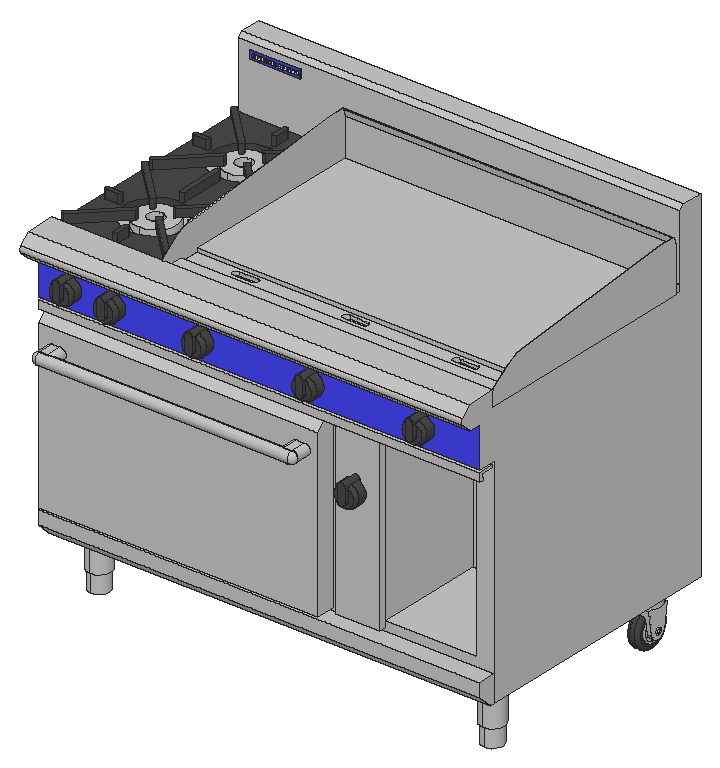
Revit family "QF_MOFFAT_BLUESEAL_CE_GE58A", category Specialty Equipment, Revit 2012 (continued)
Automatic sketch dimensions
  level to Revolve 25 sketch curve = 50 mm
  Revolve 25 sketch curve to Revolve 25 sketch curve = 60 mm
  Revolve 25 sketch curve to Revolve 25 sketch curve = 40 mm
  Revolve 26 sketch curve to plane 17 = 103.75 mm
  Revolve 26 sketch curve to plane 17 = 68 mm
  Revolve 26 sketch curve to Revolve 26 sketch curve = 35.75 mm
  level to Revolve 26 sketch curve = 150 mm
  Revolve 26 sketch curve to Revolve 26 sketch curve = 40 mm
  level to Revolve 26 sketch curve = 50 mm
  Revolve 26 sketch curve to level = 55 mm
  Revolve 27 sketch curve to plane 16 = 34.382 mm
  Revolve 27 sketch curve to Revolve 27 sketch curve = 1.27 mm  (x4)
  Revolve 27 sketch curve to Revolve 27 sketch curve = 1.524 mm  (x2)
  Revolve 27 sketch curve to Revolve 27 sketch curve = 12.146 mm  (x2)
  Revolve 27 sketch curve to plane 16 = 16.68 mm
  Revolve 27 sketch curve to Revolve 27 sketch curve = 0.794 mm  (x2)
  Revolve 27 sketch curve to Revolve 27 sketch curve = 3.57 mm
  Revolve 27 sketch curve to Revolve 27 sketch curve = 2.143 mm
  Revolve 27 sketch curve to plane 16 = 6.361 mm
  plane 16 to Revolve 27 sketch curve = 5.13 mm
  plane 16 to Revolve 27 sketch curve = 6.339 mm
  plane 16 to Revolve 27 sketch curve = 14.515 mm
  Revolve 27 sketch curve to Revolve 27 sketch curve = 1.349 mm  (x2)
  Revolve 27 sketch curve to Revolve 27 sketch curve = 3.556 mm
  Revolve 27 sketch curve to plane 4 "RIGHT" = 2.18 mm
  level to Revolve 27 sketch curve = 50.8 mm
  Revolve 27 sketch curve to Revolve 27 sketch curve = 0 mm
  Revolve 27 sketch curve to Revolve 27 sketch curve = 3.505 mm  (x2)
  Revolve 27 sketch curve to Revolve 27 sketch curve = 3.447 mm  (x2)
  Revolve 27 sketch curve to Revolve 27 sketch curve = 9.964 mm
  Revolve 27 sketch curve to Revolve 27 sketch curve = 10.045 mm
  Revolve 27 sketch curve to Revolve 27 sketch curve = 2.053 mm
  Revolve 27 sketch curve to Revolve 27 sketch curve = 2.061 mm
  Revolve 27 sketch curve to Revolve 27 sketch curve = 8.247 mm
  Revolve 27 sketch curve to Revolve 27 sketch curve = 8.336 mm
  Revolve 27 sketch curve to Revolve 27 sketch curve = 6.35 mm  (x2)
  Extrusion 28 sketch curve to plane 17 = 99.75 mm
  Extrusion 28 sketch curve to Extrusion 28 sketch curve = 12.357 mm
  Extrusion 28 sketch curve to Extrusion 28 sketch curve = 19.393 mm  (x2)
  level to Extrusion 28 sketch curve = 45.111 mm
  Extrusion 28 sketch curve to plane 17 = 36.25 mm
  Extrusion 28 sketch curve to Extrusion 28 sketch curve = 4.889 mm
  Extrusion 28 sketch curve to Extrusion 28 sketch curve = 64.889 mm
  Revolve 29 sketch curve to level = 0 mm
  Revolve 29 sketch curve to plane 17 = 99.75 mm
  Revolve 29 sketch curve to Revolve 29 sketch curve = 4.25 mm
  Revolve 29 sketch curve to Revolve 29 sketch curve = 27.5 mm  (x2)
  Revolve 29 sketch curve to level = 55 mm
  Revolve 29 sketch curve to Revolve 29 sketch curve = 50 mm
  Revolve 29 sketch curve to Revolve 29 sketch curve = 0 mm
  Revolve 29 sketch curve to Revolve 29 sketch curve = 100 mm
  Revolve 30 sketch curve to level = 0 mm
  Revolve 30 sketch curve to plane 17 = 99.75 mm
  Revolve 30 sketch curve to Revolve 30 sketch curve = 4.25 mm
  Revolve 30 sketch curve to Revolve 30 sketch curve = 27.5 mm  (x2)
  level to Revolve 30 sketch curve = 50 mm
  Revolve 30 sketch curve to Revolve 30 sketch curve = 0 mm
  Revolve 30 sketch curve to Revolve 30 sketch curve = 100 mm
  Revolve 30 sketch curve to Revolve 30 sketch curve = 55 mm
  plane 14 to Revolve 31 sketch curve = 25.382 mm
  Revolve 31 sketch curve to Revolve 31 sketch curve = 1.27 mm  (x4)
  Revolve 31 sketch curve to Revolve 31 sketch curve = 1.524 mm  (x2)
  plane 14 to Revolve 31 sketch curve = 10.442 mm
  plane 14 to Revolve 31 sketch curve = 7.68 mm
  Revolve 31 sketch curve to Revolve 31 sketch curve = 0.794 mm  (x2)
  Revolve 31 sketch curve to Revolve 31 sketch curve = 3.57 mm
  Revolve 31 sketch curve to Revolve 31 sketch curve = 2.143 mm
  Revolve 31 sketch curve to plane 14 = 2.639 mm
  Revolve 31 sketch curve to plane 11 = 0.13 mm
  Revolve 31 sketch curve to plane 11 = 1.339 mm
  Revolve 31 sketch curve to plane 11 = 9.515 mm
  Revolve 31 sketch curve to Revolve 31 sketch curve = 1.349 mm  (x2)
  Revolve 31 sketch curve to Revolve 31 sketch curve = 3.556 mm
  Revolve 31 sketch curve to Revolve 31 sketch curve = 12.146 mm
  Revolve 31 sketch curve to plane 3 "LEFT" = 2.68 mm
  level to Revolve 31 sketch curve = 101.6 mm
  Revolve 31 sketch curve to Revolve 31 sketch curve = 6.35 mm  (x4)
  Revolve 31 sketch curve to Revolve 31 sketch curve = 8.247 mm
  Revolve 31 sketch curve to Revolve 31 sketch curve = 8.336 mm
  Revolve 31 sketch curve to Revolve 31 sketch curve = 2.061 mm
  Revolve 31 sketch curve to Revolve 31 sketch curve = 2.053 mm
  Revolve 31 sketch curve to Revolve 31 sketch curve = 10.045 mm
  Revolve 31 sketch curve to Revolve 31 sketch curve = 9.964 mm
  Revolve 31 sketch curve to Revolve 31 sketch curve = 3.447 mm  (x2)
  Revolve 31 sketch curve to Revolve 31 sketch curve = 3.505 mm
  Revolve 32 sketch curve to plane 5 "FRONT" = 19 mm
  Revolve 32 sketch curve to Revolve 32 sketch curve = 0 mm  (x2)
  Revolve 32 sketch curve to Revolve 32 sketch curve = 11 mm
  Revolve 32 sketch curve to Revolve 32 sketch curve = 12.7 mm
  Revolve 32 sketch curve to Revolve 32 sketch curve = 23 mm
  Revolve 32 sketch curve to Revolve 32 sketch curve = 10 mm
  Revolve 32 sketch curve to plane 6 "TOP" = 140.618 mm
  Revolve 32 sketch curve to Revolve 32 sketch curve = 5.849 mm
  Revolve 32 sketch curve to Revolve 32 sketch curve = 27.5 mm
  Revolve 32 sketch curve to Revolve 32 sketch curve = 5 mm
  Extrusion 33 sketch curve to plane 6 "TOP" = 146.118 mm
  Extrusion 33 sketch curve to Extrusion 33 sketch curve = 35 mm
  Revolve 34 sketch curve to plane 5 "FRONT" = 19 mm
  Revolve 34 sketch curve to Revolve 34 sketch curve = 0 mm  (x2)
  Revolve 34 sketch curve to Revolve 34 sketch curve = 11 mm
  Revolve 34 sketch curve to Revolve 34 sketch curve = 12.7 mm
  Revolve 34 sketch curve to Revolve 34 sketch curve = 23 mm
  Revolve 34 sketch curve to Revolve 34 sketch curve = 10 mm
  Revolve 34 sketch curve to plane 6 "TOP" = 140.618 mm
  Revolve 34 sketch curve to Revolve 34 sketch curve = 5.849 mm
  Revolve 34 sketch curve to Revolve 34 sketch curve = 27.5 mm
  Revolve 34 sketch curve to Revolve 34 sketch curve = 5 mm
  Extrusion 35 sketch curve to plane 6 "TOP" = 146.118 mm
  Extrusion 35 sketch curve to Extrusion 35 sketch curve = 35 mm
  Extrusion 6 sketch curve to plane 16 = 64.5 mm
  Extrusion 19 sketch curve to Extrusion 19 sketch curve = 81 mm
  Extrusion 19 sketch curve to Extrusion 19 sketch curve = 48.5 mm
  Extrusion 35 sketch curve to plane 16 = 74.874 mm
  Extrusion 35 sketch curve to Extrusion 35 sketch curve = 10 mm
  plane 7 "Center Y" to curve 11 = 118.108 mm
  curve 10 to curve 11 = 25.191 mm
  plane 7 "Center Y" to curve 32 = 160 mm
  curve 57 to curve 53 = 223.917 mm
  Extrusion 7 sketch curve to plane 16 = 234.5 mm
  plane 7 "Center Y" to Extrusion 17 sketch curve = 227.344 mm
  plane 7 "Center Y" to Extrusion 20 sketch curve = 102.757 mm
  plane 7 "Center Y" to Revolve 21 sketch curve = 123.039 mm
  plane 7 "Center Y" to Extrusion 33 sketch curve = 159.739 mm
  Extrusion 33 sketch curve to Extrusion 33 sketch curve = 10 mm
  Extrusion 15 sketch curve to plane 7 "Center Y" = 140.148 mm
  Extrusion 15 sketch curve to Extrusion 15 sketch curve = 10 mm
  radius of Extrusion 6 sketch curve = 10 mm
  radius of Extrusion 8 sketch curve = 85 mm  (x2)
  radius of Extrusion 22 sketch curve = 57 mm  (x2)
  radius of Extrusion 22 sketch curve = 22 mm  (x2)
  radius of Extrusion 23 sketch curve = 6.35 mm
Nested families
  nested 1: "WALDORF LOGO_FACE BASE" at (32, -70, 1056.385) x (1, 0, 0) z (0, -1, 0), visible <- "Show Logo", type "WALDORF LOGO_FACE BASE", detail levels medium+fine
    with Show Logo yes
  nested 2: "GAS GRIDDLE PLATE 900" at (300.232, -85, 874.5), type "GAS GRIDDLE PLATE 900"
    with Width 900 mm, Type Mark "", Status "", Specification by User "", Revision Code "", Item Number "", Installed By "", Identify Quantity as Lot yes, Furnished By "", Foodservice Equipment Identifier yes, Depth 620 mm
Connectors
  piping at (1070, -32, 655)
    settings: on Extrusion 6, index 4, connector radius 0.37402", flow factor 0, pipe flow 0 GPM, pressure drop 0.00 psi, fitting loss kfactor 0, connector angle 0.00°, fixture units 0, engagement length 0 mm, flow configuration 1, flow direction 1, fitting loss method 0, system type 7, joint type 0, gender type 0, connector reference index -1, connector utility 0, adjustable connector no, is connector primary yes, fitting loss table "", connector description "GAS CONNECTION"
  electrical at (826, -501, 148.072), driven by "Volts", driven by "Watts"
    settings: on Extrusion 23, index 5, voltage 400 V, apparent load 6600 VA, apparent load phase1 0 VA, apparent load phase2 0 VA, apparent load phase3 0 VA, power factor 1, load classification "Other", number of poles 1, system type 30, power factor state 1, is connector primary yes, connector utility no, sub classification motor no, connector description "ELECTRICAL CONNECTION"
Definition of nested family "WALDORF LOGO_FACE BASE"
  Parameters (values of type "WALDORF LOGO_FACE BASE")
    Show Logo [instance] = yes
    Default Elevation = 1219.2 mm
  Reference planes
    plane 1 "Center (Front/Back)": y = 0
    plane 2: z = 0
    plane 3 "Center (Left/Right)": x = 0
  Forms (mm)
    Extrusion 1, solid
      sketch origin (0, 0, 0) x (1, 0, 0) y (0, 1, 0)
        loop
          line (-1219.2, 1219.2) -> (-1219.2, -1219.2) -> (1219.2, -1219.2) -> (1219.2, 1219.2) -> (-1219.2, 1219.2)
      from 0 to -304.8
    Extrusion 2, solid, material "QF_Finishes_Blue", visible <- "Show Logo"
      sketch origin (0, -33.217, 0) x (1, 0, 0) y (0, 1, 0)
        loop
          arc (138, 31.942) -> (137.626, 32.844) -> (136.724, 33.217) r 1.276
          line (136.724, 33.217) -> (1.29, 33.217)
          arc (1.29, 33.217) -> (0.378, 32.839) -> (0, 31.927) r 1.29
          line (0, 31.927) -> (0, 11.507)
          arc (0, 11.507) -> (0.378, 10.595) -> (1.29, 10.217) r 1.29
          line (1.29, 10.217) -> (136.71, 10.217)
          arc (136.71, 10.217) -> (137.622, 10.595) -> (138, 11.507) r 1.29
          line (138, 11.507) -> (138, 31.942)
      from 0 to 1.588
    Extrusion 3, solid, material "QF_Finishes_White", visible <- "Show Logo"
      sketch origin (0, -33.217, 1.588) x (1, 0, 0) y (0, 1, 0)
        loop
          arc (108.946, 25.919) -> (107.613, 25.367) -> (107.061, 24.034) r 1.885
          line (107.061, 24.034) -> (107.061, 17.211) -> (112.704, 17.211) -> (112.704, 19.129) -> (115.546, 19.129) -> (115.546, 17.211) -> (121.584, 17.211) -> (121.584, 24.075)
          arc (121.584, 24.075) -> (121.043, 25.379) -> (119.739, 25.919) r 1.845
          line (119.739, 25.919) -> (108.946, 25.919)
        loop
          line (123.478, 25.919) -> (123.478, 17.163) -> (134.904, 17.163) -> (134.904, 19.129) -> (129.246, 19.129) -> (129.246, 25.919) -> (123.478, 25.919)
        loop
          line (112.704, 21.258) -> (115.546, 21.258) -> (115.546, 22.702)
          arc (115.546, 22.702) -> (115.344, 23.188) -> (114.858, 23.389) r 0.687
          line (114.858, 23.389) -> (113.363, 23.389)
          arc (113.363, 23.389) -> (112.897, 23.196) -> (112.704, 22.73) r 0.658
          line (112.704, 22.73) -> (112.704, 21.258)
        loop
          line (105.071, 25.919) -> (93.771, 25.919) -> (93.771, 17.163) -> (105.071, 17.163) -> (105.071, 19.063) -> (99.535, 19.063) -> (99.535, 20.437) -> (105.071, 20.437) -> (105.071, 22.278) -> (99.535, 22.278) -> (99.535, 23.587) -> (105.071, 23.587) -> (105.071, 25.919)
        loop
          line (91.104, 25.919) -> (79.541, 25.919)
          arc (79.541, 25.919) -> (78.558, 25.513) -> (78.152, 24.53) r 1.389
          line (78.152, 24.53) -> (78.152, 22.08)
          arc (78.152, 22.08) -> (78.558, 21.098) -> (79.541, 20.691) r 1.389
          line (79.541, 20.691) -> (86.346, 20.691) -> (86.346, 18.864) -> (83.266, 18.864) -> (83.266, 19.664) -> (78.152, 19.664) -> (78.152, 18.553)
          arc (78.152, 18.553) -> (78.558, 17.57) -> (79.541, 17.163) r 1.389
          line (79.541, 17.163) -> (91.063, 17.163)
          arc (91.063, 17.163) -> (92.045, 17.57) -> (92.452, 18.553) r 1.389
          line (92.452, 18.553) -> (92.452, 20.691)
          arc (92.452, 20.691) -> (92.045, 21.673) -> (91.063, 22.08) r 1.389
          line (91.063, 22.08) -> (83.266, 22.08) -> (83.266, 23.984) -> (86.346, 23.984) -> (86.346, 22.743) -> (92.452, 22.743) -> (92.452, 24.571)
          arc (92.452, 24.571) -> (92.057, 25.524) -> (91.104, 25.919) r 1.348
        loop
          line (70.705, 25.919) -> (59.405, 25.919) -> (59.405, 17.163) -> (70.705, 17.163) -> (70.705, 19.063) -> (65.169, 19.063) -> (65.169, 20.437) -> (70.705, 20.437) -> (70.705, 22.278) -> (65.169, 22.278) -> (65.169, 23.587) -> (70.705, 23.587) -> (70.705, 25.919)
        loop
          line (57.598, 25.919) -> (51.7, 25.919) -> (51.7, 20.18)
          arc (51.7, 20.18) -> (50.63, 19.11) -> (49.56, 20.18) r 1.07
          line (49.56, 20.18) -> (49.56, 25.919) -> (43.663, 25.919) -> (43.663, 19.049)
          arc (43.663, 19.049) -> (44.215, 17.716) -> (45.548, 17.163) r 1.885
          line (45.548, 17.163) -> (55.71, 17.163)
          arc (55.71, 17.163) -> (57.045, 17.716) -> (57.598, 19.051) r 1.887
          line (57.598, 19.051) -> (57.598, 25.919)
        loop
          line (31.62, 25.919) -> (31.62, 17.163) -> (43.046, 17.163) -> (43.046, 19.129) -> (37.388, 19.129) -> (37.388, 25.919) -> (31.62, 25.919)
        loop
          line (15.969, 25.919) -> (15.969, 17.163) -> (28.693, 17.163)
          arc (28.693, 17.163) -> (29.812, 17.627) -> (30.276, 18.746) r 1.582
          line (30.276, 18.746) -> (30.276, 20.447) -> (29.48, 21.243) -> (30.276, 22.039) -> (30.276, 24.332)
          arc (30.276, 24.332) -> (29.811, 25.454) -> (28.688, 25.919) r 1.587
          line (28.688, 25.919) -> (15.969, 25.919)
        loop
          line (21.449, 24.159) -> (21.449, 22.436) -> (23.862, 22.436)
          arc (23.862, 22.436) -> (24.723, 23.298) -> (23.862, 24.159) r 0.861
          line (23.862, 24.159) -> (21.449, 24.159)
        loop
          line (21.449, 20.244) -> (21.449, 18.522) -> (23.862, 18.522)
          arc (23.862, 18.522) -> (24.723, 19.383) -> (23.862, 20.244) r 0.861
          line (23.862, 20.244) -> (21.449, 20.244)
      from 0 to 0.2
    Extrusion 4, solid, material "QF_Finishes_Blue", visible <- "Show Logo"
      sketch origin (-126.498, -31.09, 1.588) x (1, 0, 0) y (0, 1, 0)
        loop
          line (136.738, 23.522) -> (136.738, 15.1)
          arc (136.738, 15.1) -> (140.756, 19.311) -> (136.738, 23.522) r 4.216
      from 0 to 0.2
    Extrusion 5, solid, material "QF_Finishes_Red", visible <- "Show Logo"
      sketch origin (146.849, -31.09, 1.588) x (-1, 0, 0) y (0, -1, 0)
        loop
          arc (136.738, -23.522) -> (140.756, -19.311) -> (136.738, -15.1) r 4.216
          line (136.738, -15.1) -> (136.738, -23.522)
      from 0 to 0.2
  Lines and regions (mm)
    Split face 1
      outline origin (-90.35, -30.793, 1.588) x (1, 0, 0) y (0, 1, 0)
        loop
          circle (100.54, 19.013) r 4.536
  Dimensions and locks
    aligned and locked: plane 2 to Extrusion 1
    aligned and locked: level to Extrusion 1
Definition of nested family "GAS GRIDDLE PLATE 900"
  Parameters (values of type "GAS GRIDDLE PLATE 900")
    Width [instance] = 900 mm
    Weight in Pounds = 0
    URL Cutsheet = ""
    Type Mark [instance] = ""
    Status [instance] = ""
    Specification by User [instance] = ""
    Specification by Manufacturer = ""
    Serial Number = ""
    Seismic Rating = ""
    SMACNA No = ""
    Revision Code [instance] = ""
    Omniclass Number and Title = ""
    NAFEM Spec ID Number = ""
    Masterspec = ""
    Item Number [instance] = ""
    Installed By [instance] = ""
    Identify Quantity as Lot [instance] = yes
    Furnished By [instance] = ""
    Foodservice Equipment Identifier [instance] = yes
    Depth [instance] = 620 mm
    CSI MasterFormat = ""
    CSI Master Format = ""
  Reference planes
    plane 1 "BACK": y = 0
    plane 2: z = 0
    plane 3 "LEFT": x = 0
    plane 4 "RIGHT": x = 900
    plane 5 "FRONT": y = -620
    plane 6 "TOP": z = 142.5
    plane 7 "Center Y": x = 450
    plane 8 "Center X": y = -310
    plane 9: y = -530.997
    plane 10: y = -541.497
    plane 11: y = -503.25
    plane 12: y = -557.737
  Forms (mm)
    Extrusion 1, solid, material "QF_Finishes_Stainless Steel"
      sketch origin (0, 70.003, -874.5) x (0, 1, 0) y (0, 0, 1)
        loop
          line (-70, 875) -> (-70, 997.489) -> (-75.228, 1017) -> (-117.24, 1017) -> (-589.533, 971.523)
          arc (-589.533, 971.523) -> (-614.56, 965.803) -> (-637.306, 953.899) r 100
          line (-637.306, 953.899) -> (-690.003, 917) -> (-690.003, 875) -> (-70, 875)
      from 0 to 1.8
    Extrusion 2, solid, material "QF_Finishes_Stainless Steel"
      sketch origin (600, 70.003, -874.5) x (0, -1, 0) y (0, 0, 1)
        loop
          line (70, 875) -> (690.003, 875) -> (690.003, 917) -> (637.306, 953.899)
          arc (637.306, 953.899) -> (614.56, 965.803) -> (589.533, 971.523) r 100
          line (589.533, 971.523) -> (117.24, 1017) -> (75.228, 1017) -> (70, 997.489) -> (70, 875)
      from -300 to -298.8
    Extrusion 3, solid, material "QF_Finishes_Stainless Steel"
      sketch origin (150, 70.003, -874.5) x (0, 1, 0) y (0, 0, 1)
        loop
          line (-55, 895) -> (-573.253, 895) -> (-573.253, 884.5) -> (-627.74, 884.5) -> (-627.74, 895) -> (-690.003, 895) -> (-690.003, 875) -> (-55, 875) -> (-55, 895)
      from -148.2 to 748.8
    Extrusion 4, void
      sketch origin (0.113, -541.497, 10) x (0, -1, 0) y (1, 0, 0)
        loop
          arc (-7.497, 175) -> (-17.497, 185) -> (-27.497, 175) r 10
          line (-27.497, 175) -> (-27.497, 125)
          arc (-27.497, 125) -> (-17.497, 115) -> (-7.497, 125) r 10
          line (-7.497, 125) -> (-7.497, 175)
        loop
          line (-7.497, 424.887) -> (-7.497, 474.887)
          arc (-7.497, 474.887) -> (-17.497, 484.887) -> (-27.497, 474.887) r 10
          line (-27.497, 474.887) -> (-27.497, 424.887)
          arc (-27.497, 424.887) -> (-17.497, 414.887) -> (-7.497, 424.887) r 10
        loop
          line (-7.497, 724.774) -> (-7.497, 774.774)
          arc (-7.497, 774.774) -> (-17.497, 784.774) -> (-27.497, 774.774) r 10
          line (-27.497, 774.774) -> (-27.497, 724.774)
          arc (-27.497, 724.774) -> (-17.497, 714.774) -> (-7.497, 724.774) r 10
      from -41.4 to 40.142
    Extrusion 5, solid, material "QF_Finishes_Stainless Steel"
      sketch origin (0, 70.003, -874.5) x (0, 1, 0) y (0, 0, 1)
        loop
          line (-70, 875) -> (-70, 997.489) -> (-75.228, 1017) -> (-76.884, 1017) -> (-71.6, 997.278) -> (-71.6, 875) -> (-70, 875)
      from 0 to 898.8
  Cuts and joins
    Extrusion 4 cuts Extrusion 3
    joined: Extrusion 1, Extrusion 2, Extrusion 3, Extrusion 5
  Lines and regions (mm)
    symbolic lines
      curve 1: line (900, -503.25, 0) -> (0, -503.25, 0)
      curve 2: line (0, -557.737, 0) -> (900, -557.737, 0)
      curve 3: line (0, -1.68, 0) -> (900, -1.68, 0)
      curve 4: line (900, -1.68, 0) -> (900, -620, 0)
      curve 5: line (0, -620, 0) -> (0, -1.68, 0)
      curve 6: line (0, -620, 0) -> (900, -620, 0)
      curve 7: arc (175.113, -534, 0) -> (185.113, -524, 0) -> (175.113, -514, 0) r 10
      curve 8: line (175.113, -514, 0) -> (125.113, -514, 0)
      curve 9: arc (125.113, -514, 0) -> (115.113, -524, 0) -> (125.113, -534, 0) r 10
      curve 10: line (125.113, -534, 0) -> (175.113, -534, 0)
      curve 11: arc (425, -534, 0) -> (415, -524, 0) -> (425, -514, 0) r 10
      curve 12: line (425, -514, 0) -> (475, -514, 0)
      curve 13: arc (475, -514, 0) -> (485, -524, 0) -> (475, -534, 0) r 10
      curve 14: line (475, -534, 0) -> (425, -534, 0)
      curve 15: arc (724.887, -534, 0) -> (714.887, -524, 0) -> (724.887, -514, 0) r 10
      curve 16: line (724.887, -514, 0) -> (774.887, -514, 0)
      curve 17: arc (774.887, -514, 0) -> (784.887, -524, 0) -> (774.887, -534, 0) r 10
      curve 18: line (774.887, -534, 0) -> (724.887, -534, 0)
  Dimensions and locks
    equal spacing: plane 3 "LEFT", plane 7 "Center Y", plane 4 "RIGHT"
    "Width": plane 3 "LEFT" to plane 4 "RIGHT"
    equal spacing: plane 5 "FRONT", plane 8 "Center X", plane 1 "BACK"
    "Depth": plane 5 "FRONT" to plane 1 "BACK"
    locked: Extrusion 2 to Extrusion 2 at 1.2
    aligned and locked: level to plane 2
    aligned and locked: Extrusion 2 to plane 4 "RIGHT"
    aligned and locked: curve 1 to plane 11
    aligned and locked: plane 12 to curve 2
    aligned and locked: Extrusion 5 to cut or joined group of Extrusion 1, Extrusion 2, Extrusion 3, Extrusion 4, Extrusion 5
  Automatic sketch dimensions
    Extrusion 1 sketch curve to plane 5 "FRONT" = 0 mm
    Extrusion 1 sketch curve to plane 6 "TOP" = 0 mm
    plane 12 to Extrusion 1 sketch curve = 9.566 mm
    plane 11 to Extrusion 1 sketch curve = 16.28 mm
    Extrusion 1 sketch curve to level = 2.516 mm
    plane 11 to Extrusion 1 sketch curve = 6.695 mm
    plane 1 "BACK" to Extrusion 1 sketch curve = 47.237 mm
    plane 1 "BACK" to Extrusion 1 sketch curve = 5.225 mm
    Extrusion 1 sketch curve to plane 1 "BACK" = 0.003 mm
    level to Extrusion 1 sketch curve = 0.5 mm
    Extrusion 1 sketch curve to Extrusion 1 sketch curve = 42 mm
    Extrusion 1 sketch curve to plane 6 "TOP" = 63.101 mm
    Extrusion 1 sketch curve to plane 6 "TOP" = 19.511 mm
    Extrusion 2 sketch curve to plane 6 "TOP" = 0 mm
    Extrusion 2 sketch curve to plane 5 "FRONT" = 0 mm
    plane 12 to Extrusion 2 sketch curve = 9.566 mm
    plane 11 to Extrusion 2 sketch curve = 16.28 mm
    Extrusion 2 sketch curve to level = 2.516 mm
    plane 11 to Extrusion 2 sketch curve = 6.695 mm
    plane 1 "BACK" to Extrusion 2 sketch curve = 47.237 mm
    plane 1 "BACK" to Extrusion 2 sketch curve = 5.225 mm
    Extrusion 2 sketch curve to plane 1 "BACK" = 0.003 mm
    level to Extrusion 2 sketch curve = 0.5 mm
    Extrusion 2 sketch curve to Extrusion 2 sketch curve = 42 mm
    Extrusion 2 sketch curve to plane 6 "TOP" = 63.101 mm
    Extrusion 2 sketch curve to plane 6 "TOP" = 19.511 mm
    Extrusion 3 sketch curve to plane 5 "FRONT" = 0 mm
    Extrusion 3 sketch curve to plane 12 = 0 mm
    Extrusion 3 sketch curve to plane 11 = 0 mm
    Extrusion 3 sketch curve to plane 1 "BACK" = 15.003 mm
    level to Extrusion 3 sketch curve = 0.5 mm
    level to Extrusion 3 sketch curve = 10 mm
    Extrusion 3 sketch curve to Extrusion 3 sketch curve = 10.5 mm  (x2)
    plane 1 "BACK" to Extrusion 5 sketch curve = 5.225 mm
    Extrusion 5 sketch curve to plane 1 "BACK" = 0.003 mm
    Extrusion 5 sketch curve to plane 6 "TOP" = 19.511 mm
    Extrusion 5 sketch curve to Extrusion 5 sketch curve = 1.6 mm
    Extrusion 5 sketch curve to Extrusion 5 sketch curve = 0.211 mm
    Extrusion 5 sketch curve to plane 6 "TOP" = 0 mm
    Extrusion 5 sketch curve to Extrusion 5 sketch curve = 1.656 mm
    level to Extrusion 5 sketch curve = 0.5 mm
    curve 6 to plane 3 "LEFT" = 0 mm
    curve 3 to plane 4 "RIGHT" = 0 mm
    plane 5 "FRONT" to curve 6 = 0 mm
    plane 11 to curve 9 = 20.75 mm
    plane 3 "LEFT" to curve 9 = 125.113 mm
    curve 10 to plane 12 = 23.737 mm
    curve 9 to curve 10 = 50 mm
    curve 14 to plane 7 "Center Y" = 25 mm
    plane 11 to curve 12 = 10.75 mm
    plane 7 "Center Y" to curve 12 = 25 mm
    curve 15 to plane 12 = 23.737 mm
    plane 4 "RIGHT" to curve 15 = 175.113 mm
    plane 11 to curve 16 = 10.75 mm
    curve 16 to curve 16 = 50 mm
    curve 14 to curve 12 = 20 mm
    plane 1 "BACK" to curve 3 = 1.68 mm
    plane 11 to Extrusion 4 sketch curve = 10.75 mm  (x3)
    Extrusion 4 sketch curve to Extrusion 4 sketch curve = 10 mm  (x3)
    plane 3 "LEFT" to Extrusion 4 sketch curve = 125.113 mm
    Extrusion 4 sketch curve to Extrusion 4 sketch curve = 50 mm  (x2)
    Extrusion 4 sketch curve to plane 7 "Center Y" = 25 mm
    plane 7 "Center Y" to Extrusion 4 sketch curve = 25 mm
    plane 4 "RIGHT" to Extrusion 4 sketch curve = 175.113 mm
